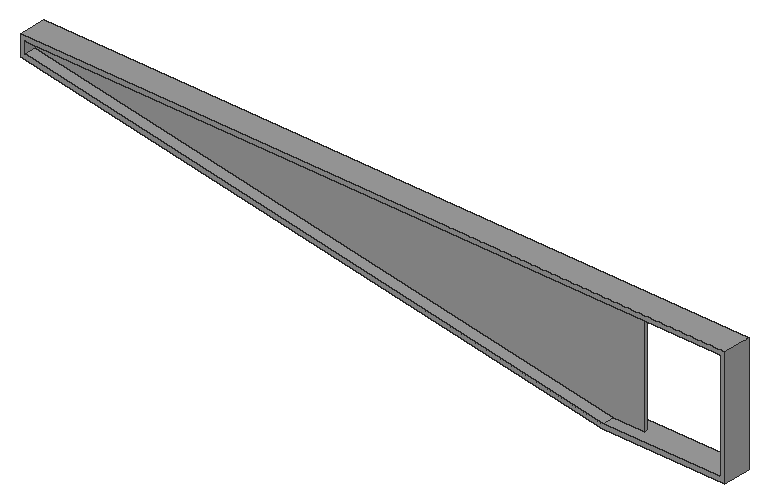
Revit family "STC_A3-2440mm-Steel-canopy", category Generic Models, Revit 2016
Family settings
  Part Type = Normal
  Can host rebar = No
  Round Connector Dimension = Use Diameter
  Work Plane-Based = No
  Always vertical = Yes
  Cut with Voids When Loaded = No
  Shared = No
  Room Calculation Point = No
Parameters (values of type "1650mm Steel Canopy")
  Beam, Length = 1650 mm
  Beam Thickness = 100 mm
  Beam Depth = 340 mm
  Assembly Code = ""
Types (2, lengths in mm): name | Beam, Length | Beam Thickness | Beam Depth
  2345mm Steel canopy | 1800 | 150 | 300
  1650mm Steel Canopy | 1650 | 100 | 340
Reference planes
  plane 1 "Center (Front/Back)": y = -58.334
  plane 2: z = 0
  plane 3 "Center (Left/Right)": x = 0
  plane 4: through (0, 0, 0) normal (-0.0523, 0, -0.9986)
  plane 5: through (17.794, 0, 339.534) normal (-0.0523, 0, -0.9986)
  plane 6: through (0, 0, 0) normal (-0.9986, 0, 0.0523)
  plane 7: through (-1647.739, 0, 86.354) normal (-0.9986, 0, 0.0523)
  plane 8: y = -8.334
  plane 9: y = -108.334
  plane 10: through (596.69, 0, 169.003) normal (-0.0523, 0, -0.9986)
  plane 11: through (599.307, 0, 218.935) normal (-0.0523, 0, -0.9986)
  plane 12: through (-1561.234, 0, -1129.142) normal (-0.9986, 0, 0.0523)
  plane 13: through (-1611.166, 0, -1126.526) normal (-0.9986, 0, 0.0523)
Forms (mm)
  Extrusion 1, solid, material "Steel Frame"
    sketch origin (0, -58.334, 0) x (1, 0, 0) y (0, 0, 1)
      loop
        line (-2440, 537.77) -> (-2440, 468.342) -> (-424.816, 22.264) -> (0, 0) -> (0, 409.895) -> (-2440, 537.77)
      loop
        line (-15, 395.66) -> (-2425, 521.963) -> (-2425, 480.384) -> (-422.789, 37.178) -> (-15, 15.807) -> (-15, 395.66)
    from -50 to 50
  Extrusion 2, solid, material "Steel Frame"
    sketch origin (-299.371, -58.334, 0) x (1, 0, 0) y (0, 0, 1)
      loop
        line (-2125.629, 521.963) -> (-2125.629, 480.384) -> (-123.417, 37.178) -> (-15, 31.496) -> (-15, 411.35) -> (-2125.629, 521.963)
    from -5 to 5
Lines and regions (mm)
  reference lines
    curve 1: line (-63.29, -58.334, -1207.646) -> (103.5, -58.334, 1974.902)
    curve 2: line (-2440, -58.334, -366.045) -> (-2440, -58.334, 2214.315)
Dimensions and locks
  "Beam Depth": plane 5 to plane 4
  "Beam, Length": plane 7 to plane 6
  equal spacing: plane 9, plane 1 "Center (Front/Back)", plane 8
  "Beam Thickness": plane 9 to plane 8
  plane 3 "Center (Left/Right)" to curve 2 = 2440 mm  (x2)
  Extrusion 1 to Extrusion 1 = 409.333 mm
  plane 8 to curve 2 to plane 9 = 50 mm, 50 mm
  locked: plane 4 to plane 2 (angle 3.00°)
  aligned and locked: Extrusion 1 sketch curve to plane 3 "Center (Left/Right)"
  aligned and locked: Extrusion 1 sketch curve to plane 4
  aligned and locked: Extrusion 1 to plane 8
Automatic sketch dimensions
  curve 1 to plane 6 = 0 mm  (x2)
  curve 1 to plane 3 "Center (Left/Right)" = 63.29 mm
  plane 3 "Center (Left/Right)" to curve 1 = 103.5 mm
  curve 2 to level = 366.045 mm
  level to curve 2 = 2214.315 mm
  level to Extrusion 2 sketch curve = 37.178 mm
  Extrusion 2 sketch curve to plane 3 "Center (Left/Right)" = 422.789 mm
  Extrusion 2 sketch curve to Extrusion 2 sketch curve = 379.853 mm
  plane 5 to Extrusion 1 sketch curve = 0 mm
  Extrusion 1 sketch curve to plane 3 "Center (Left/Right)" = 15 mm
  level to Extrusion 1 sketch curve = 22.264 mm
  level to Extrusion 1 sketch curve = 537.77 mm
  level to Extrusion 1 sketch curve = 468.342 mm
  level to Extrusion 1 sketch curve = 15.807 mm
  Extrusion 1 sketch curve to Extrusion 1 sketch curve = 379.853 mm
  Extrusion 1 sketch curve to Extrusion 1 sketch curve = 14.234 mm
  Extrusion 1 sketch curve to Extrusion 1 sketch curve = 15.807 mm
  Extrusion 1 sketch curve to Extrusion 1 sketch curve = 12.043 mm
  Extrusion 1 sketch curve to plane 5 = 12.811 mm
  Extrusion 1 sketch curve to plane 4 = 15 mm
  level to Extrusion 1 sketch curve = 37.178 mm
  level to Extrusion 2 sketch curve = 480.384 mm
  Extrusion 2 sketch curve to Extrusion 2 sketch curve = 41.579 mm
  Extrusion 2 sketch curve to Extrusion 2 sketch curve = 2002.211 mm
  Extrusion 2 sketch curve to plane 3 "Center (Left/Right)" = 314.371 mm
  level to Extrusion 2 sketch curve = 31.496 mm
